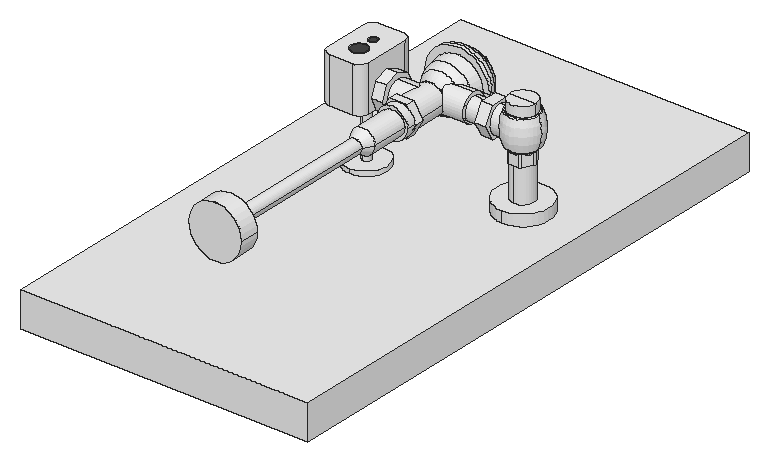
Revit family "Flush_Valve-Sensor-Hardwired-Zurn-Exposed-Urinal-ZEMS6003AV-IS", category Plumbing Fixtures, host Face, Revit 2022
Family settings
  Host = Face
  Round Connector Dimension = Use Radius
  Part Type = Normal
  OmniClass Number = 23.45.05.14.99
  OmniClass Title = Other Sanitary Washing Plumbing Fixtures
  Cut with Voids When Loaded = No
  Maintain Annotation Orientation = No
  Shared = No
  Room Calculation Point = No
Parameters (values of type "Load Family Type Catalog")
  Waste Connection = 1 = 0  # no
  WFU = 0  # constant formula
  Vent Connection = 1 = 0  # no
  Valve Height [instance] = 16.00"
  Type Comments = "ZEMS6003AV-ULF-IS (0.125 GPF, 11-1/2\" R-I)"
  Repair Parts URL = "https://files.zurn.com/care-cleaning-install-warranty-sheets/fv343.pdf#page=9"
  Product data URL = "https://www.bimobject.com/en-us/zurnindustries/product/zurn_zems6003av-is"
  Product Page URL = "https://www.zurn.com/products/finish-plumbing/sensor-flush-valves/gear-driven-hardwire/zems6003av-is"
  Product Installation Sheet URL = "https://files.zurn.com/care-cleaning-install-warranty-sheets/fv343.pdf"
  Product Documentation Link = "https://files.zurn.com/spec-sheets/ss-zems6003av-is.pdf"
  Operating Water Pressure (PSI) = "25 – 80 PSI (172 – 552 kPa)"  # constant formula
  Modified Date = "01/08/2026"  # constant formula
  Max Working Water Temperature = 104 °F  # constant formula
  Manufacturer Brand = "Zurn"  # constant formula
  Main Material = Chrome-Plated Brass - Zurn - Polished
  Inlet Connection Size (inch) = 1.00"
  HWFU = 0  # constant formula
  HW Connection = 1 = 0  # no
  Flush Rate (GPF) = "1.1 GPF"
  Enter Value of  Centerline of Flush Valve to Wall (2.25- 4.25) [instance] = 5.00"
  URL = "https://www.zurn.com/"
  Model = "ZEMS6003AV-IS"  # constant formula
  Manufacturer = "Zurn Water, LLC"  # constant formula
  Description = "Exposed Hardwired Automatic Sensor Flush Valve Urinal with Integral Sensor"  # constant formula
  Default Elevation = 48.00"
  Date Created = "01/08/2026"  # constant formula
  Centerline of Stop Valve to Centerline of Flush Valve = 4.75"  # constant formula
  Centerline of Flush Valve to Wall [instance] = if([Enter Value of  Centerline of Flush Valve to Wall (2.25- 4.25)] < 2.25", 2.25", if([Enter Value of  Centerline of Flush Valve to Wall (2.25- 4.25)] > 4.25", 4.25", [Enter Value of  Centerline of Flush Valve to Wall (2.25- 4.25)]))  # 4.25"
  CWFU = 1  # constant formula
  CW Connection = 1 = 1  # yes
  Assembly Code = "D2010.60"
  Activation Method = "Sensor Operated"  # constant formula
Reference planes (in)
  plane 1 "Center (Front/Back)": y = 0
  plane 2: z = 0
  plane 3 "Center (Left/Right)": x = 0
  plane 4: y = 0
  plane 5: x = 4.75
  plane 6: z = 4.25
  plane 7: z = 4.25
  plane 8: x = 1.44
  plane 9: z = 4.25
  plane 10: y = 22.38
  plane 11: x = -1.2
  plane 12: x = -1.5
  plane 13: y = 13.63
  plane 14: y = 13.13
  plane 15: y = 12.63
  plane 16: z = -2
  plane 17: y = 16
  plane 18: z = 0.625
  plane 19: y = 10.515
  plane 20: y = 9.95
  plane 21: z = 0.25
  plane 22: y = 14.9793
Forms (in)
  Extrusion 1, solid, material "Chrome-Plated Brass - Zurn - Polished" <- "Main Material"
    sketch origin (20.08675, -5.08734, 0) x (1, 0, 0) y (0, 1, 0)
      loop
        line (-28.30267, 32.83734) -> (-28.30267, 1.43535) -> (-11.87083, 1.43535) -> (-11.87083, 32.83734) -> (-28.30267, 32.83734)
    from 0 to -2
  Revolve 2, solid, material "Chrome-Plated Brass - Zurn - Polished" <- "Main Material"
    sketch origin (3.14024, -180, 4.25) x (-1, 0, 0) y (0, -1, 0)
      loop
        line (3.14024, -192.63) -> (3.14024, -181.34) -> (2.76024, -181.34) -> (2.76024, -189.95) -> (2.45274, -190.515) -> (2.45274, -192.63) -> (3.14024, -192.63)
      axis (3.14024, -192.63) -> (3.14024, -181.34)
    angle from 0 to 360
  Extrusion 3, solid, material "Chrome-Plated Brass - Zurn - Polished" <- "Main Material", detail levels fine
    sketch origin (-21.97181, 22.38, 48) x (-1, 0, 0) y (0, 0, 1)
      loop
        line (-22.4168, -42.871) -> (-22.92429, -43.75) -> (-22.4168, -44.629) -> (-21.33031, -44.629) -> (-20.82733, -43.86605) -> (-21.40182, -42.871) -> (-22.4168, -42.871)
    from -8.75 to -9.25
  Extrusion 4, solid, material "Chrome-Plated Brass - Zurn - Polished" <- "Main Material", detail levels fine
    sketch origin (0, 0, 0) x (1, 0, 0) y (0, 0, 1)
      loop
        circle (0, 4.25) r 0.86693
    from -13.13 to -12.63
  Extrusion 5, solid, material "Chrome-Plated Brass - Zurn - Polished" <- "Main Material"
    sketch origin (0, 18.18451, 4.25) x (0, 1, 0) y (-1, 0, 0)
      loop
        circle (-2.18451, -4.75) r 1.5
    from -3.625 to -4.25
  Extrusion 6, solid, material "Chrome-Plated Brass - Zurn - Polished" <- "Main Material"
    sketch origin (0, 18.18451, 4.25) x (0, 1, 0) y (-1, 0, 0)
      loop
        circle (-2.18451, -4.75) r 0.625
    from 0 to -3.625
  Extrusion 7, solid, material "Chrome-Plated Brass - Zurn - Polished" <- "Main Material", detail levels coarse+medium
    sketch origin (0, 0, 0) x (1, 0, 0) y (0, 0, 1)
      loop
        circle (0, 4.25) r 1.08
    from -13.63 to -12.63
  Extrusion 8, solid, material "Chrome-Plated Brass - Zurn - Polished" <- "Main Material"
    sketch origin (0, 18.18451, 4.25) x (0, 1, 0) y (-1, 0, 0)
      loop
        circle (-3.20521, 3.3665) r 0.25
    from -4.25 to 0.879
  Extrusion 9, solid, material "Chrome-Plated Brass - Zurn - Polished" <- "Main Material"
    sketch origin (0, 18.18451, 4.25) x (0, 1, 0) y (-1, 0, 0)
      loop
        circle (-3.20521, 3.3665) r 1.2
    from -4.25 to -4
Lines and regions (in)
  Masking region 1
    outline origin (0, 0, 0) x (1, 0, 0) y (0, 0, 1)
      loop
        line (-2.14, 5.3063) -> (-2.14, 6.1) -> (-4.5305, 6.1) -> (-4.5305, 0) -> (-2.2025, 0) -> (-2.2025, 3.1937) -> (-1.5, 3.1937)
        arc (-1.5, 3.1937) -> (0.15878, 2.42228) -> (1.65968, 3.4682) r 1.8346
        line (1.65968, 3.4682) -> (2.82524, 3.4682) -> (2.82524, 3.24) -> (3.67284, 3.24) -> (3.67284, 0.625) -> (3.25, 0.625) -> (3.25, 0) -> (6.25, 0) -> (6.25, 0.625) -> (5.84, 0.625) -> (5.84, 5.7) -> (3.66, 5.7) -> (3.66, 5.26) -> (2.82524, 5.26) -> (2.82524, 5.03116) -> (1.65999, 5.03116)
        arc (1.65999, 5.03116) -> (0.15914, 6.07769) -> (-1.5, 5.3063) r 1.8346
        line (-1.5, 5.3063) -> (-2.14, 5.3063)
  symbolic lines, detail levels fine
    curve 1: arc (16.13166, 1.53838, 0) -> (16.10438, 1.57544, 0) -> (16.06088, 1.56041, 0) r 0.03882
    curve 2: arc (16.01901, -1.49785, 0) -> (16.0878, -1.52321, 0) -> (16.13166, -1.46447, 0) r 0.06127
Dimensions and locks (in)
  locked: plane 4 to plane 1 "Center (Front/Back)"
  "Centerline of Stop Valve to Centerline of Flush Valve": plane 3 "Center (Left/Right)" to plane 5
  "Centerline of Flush Valve to Wall": plane 6 to Extrusion 1
  locked: plane 7 to plane 6
  locked: plane 3 "Center (Left/Right)" to plane 8 at 1.44
  locked: nested 2 to plane 9 at 1.45
  locked: nested 3 to Revolve 2 sketch curve at 0.75
  locked: plane 11 to plane 3 "Center (Left/Right)" at 1.2
  locked: plane 12 to plane 3 "Center (Left/Right)" at 1.5
  locked: plane 14 to plane 15 at 0.5
  equal spacing: Extrusion 1 sketch curve, plane 3 "Center (Left/Right)", Extrusion 1 sketch curve
  locked: Extrusion 1 sketch curve to Extrusion 1 sketch curve at 16.43183
  locked: plane 4 to Extrusion 1 sketch curve at 3.652
  locked: level to plane 16 at 2
  "Valve Height": plane 17 to plane 4
  locked: plane 18 to level at 0.625
  locked: plane 15 to plane 19 at 2.115
  locked: plane 15 to plane 20 at 2.68
  locked: plane 13 to plane 14 at 0.5
  locked: plane 17 to plane 13 at 2.37
  equal spacing: Masking region 1 sketch curve, nested 3, Masking region 1 sketch curve
  locked: Masking region 1 sketch curve to Masking region 1 sketch curve at 2.1126
  equal spacing: Masking region 1 sketch curve, plane 5, Masking region 1 sketch curve  (x2)
  locked: Masking region 1 sketch curve to Masking region 1 sketch curve at 2.18
  locked: Masking region 1 sketch curve to Masking region 1 sketch curve at 3
  equal spacing: Masking region 1 sketch curve, plane 9, Masking region 1 sketch curve
  locked: Masking region 1 sketch curve to Masking region 1 sketch curve at 2.02
  locked: plane 21 to Extrusion 1 at 0.25
  locked: plane 17 to plane 22 at 1.0207
  locked: plane 3 "Center (Left/Right)" to Revolve 2 sketch curve at 0.38
  aligned and locked: nested 1 to plane 3 "Center (Left/Right)"
  aligned and locked: nested 1 to plane 4
  aligned and locked: nested 1 to plane 7
  aligned and locked: nested 3 to plane 6
  aligned and locked: plane 7 to plane 9
  aligned and locked: Revolve 2 sketch curve to plane 3 "Center (Left/Right)"
  aligned and locked: Extrusion 3 sketch curve to nested 3  (x5)
  aligned and locked: Extrusion 3 to plane 14
  aligned and locked: nested 1 to Extrusion 4 sketch curve  (x2)
  aligned and locked: Extrusion 4 to Extrusion 3
  aligned and locked: Extrusion 4 to plane 15
  aligned and locked: plane 17 to nested 2
  aligned and locked: plane 5 to Extrusion 5 sketch curve
  aligned and locked: plane 17 to Extrusion 5 sketch curve
  aligned and locked: Extrusion 5 to Extrusion 1
  aligned and locked: plane 18 to Extrusion 5
  aligned and locked: nested 2 to Extrusion 6 sketch curve
  aligned and locked: plane 17 to Extrusion 6 sketch curve
  aligned and locked: Extrusion 6 to Extrusion 5
  aligned and locked: nested 3 to Extrusion 6
  aligned and locked: Revolve 2 sketch curve to Extrusion 4
  aligned and locked: Revolve 2 sketch curve to Revolve 2 sketch curve
  aligned and locked: nested 3 to plane 17
  aligned and locked: plane 13 to Extrusion 3
  aligned and locked: nested 1 to Extrusion 7 sketch curve  (x2)
  aligned and locked: plane 13 to Extrusion 7
  aligned and locked: Extrusion 7 to plane 15
  aligned and locked: Masking region 1 sketch curve to nested 2  (x3)
  aligned and locked: Extrusion 1 to Masking region 1 sketch curve
  aligned and locked: Masking region 1 sketch curve to Extrusion 5  (x2)
  aligned and locked: plane 3 "Center (Left/Right)" to Masking region 1 sketch curve
  aligned and locked: nested 1 to Masking region 1 sketch curve  (x3)
  aligned and locked: Extrusion 8 to Extrusion 1
  aligned and locked: Extrusion 3 to Extrusion 8
  aligned and locked: Extrusion 9 to Extrusion 1
  aligned and locked: Extrusion 9 to plane 21
  aligned and locked: nested 4 to nested 3
  aligned and locked: plane 22 to nested 4
  aligned and locked: nested 4 to nested 4
  aligned and locked: nested 4 to plane 7
  aligned and locked: plane 20 to Revolve 2 sketch curve
  aligned and locked: plane 19 to Revolve 2 sketch curve
  aligned and locked: Revolve 2 sketch curve to nested 1
Automatic sketch dimensions
  plane 1 "Center (Front/Back)" to curve 2 = 1.46447"
  plane 5 to curve 2 = 11.32039"
  curve 2 to curve 1 = 0.02245"
  curve 1 to plane 1 "Center (Front/Back)" = 1.53838"
  curve 2 to curve 2 = 0.05138"
  curve 1 to curve 1 = 0.03196"
  curve 1 to curve 1 = 0.03882"
  curve 2 to curve 2 = 0.06127"
  Extrusion 3 sketch curve to plane 3 "Center (Left/Right)" = 0.6415"
  Extrusion 3 sketch curve to plane 6 = 0.11605"
  Extrusion 1 sketch curve to Extrusion 1 sketch curve = 31.402"
  Extrusion 8 sketch curve to plane 17 = 1.0207"
  Extrusion 8 sketch curve to plane 12 = 1.8665"
  Extrusion 9 sketch curve to plane 17 = 1.0207"
  Extrusion 9 sketch curve to plane 12 = 1.8665"
  Masking region 1 sketch curve to level = 0.00"
  Masking region 1 sketch curve to plane 12 = 0.00"  (x2)
  Masking region 1 sketch curve to Masking region 1 sketch curve = 0.64"
  Masking region 1 sketch curve to Masking region 1 sketch curve = 0.7025"
  plane 8 to Masking region 1 sketch curve = 0.21968"
  plane 8 to Masking region 1 sketch curve = 0.21999"
  Masking region 1 sketch curve to Masking region 1 sketch curve = 0.8476"
  Masking region 1 sketch curve to Masking region 1 sketch curve = 0.7937"
  Masking region 1 sketch curve to Masking region 1 sketch curve = 2.328"
  Revolve 2 sketch curve to plane 15 = 0.00"
  plane 1 "Center (Front/Back)" to Revolve 2 sketch curve = 0.69"
  radius of Extrusion 4 sketch curve = 0.86693"
  radius of Extrusion 5 sketch curve = 1.50"
  radius of Extrusion 6 sketch curve = 0.625"
  radius of Extrusion 7 sketch curve = 1.08"
  radius of Extrusion 8 sketch curve = 0.25"
  radius of Extrusion 9 sketch curve = 1.20"
Nested families (in)
  nested 1: "1.Part_Tube_ genric" at (0, -3.28111, 4.25) x (-1, 0, 0) z (0, 1, 0), type "1.Part_Tube_ genric"
  nested 2: "3. Stop Valve" at (4.75, 16, 4.2375) x (-1, 0, 0) z (0, 0, 1), type "Family2"
  nested 3: "Manual FV-Head" at (-0.0625, 13.6333, 4.25) x (-1, 0, 0) z (0, 1, 0), type "Manual FV-Head"
  nested 4: "-IS Actuator" at (-3.3665, 9.89319, 6.1) x (1, 0, 0) z (0, 1, 0), type "-IS Actuator"
Connectors (in)
  piping at (4.75, 16, 0), diameter 2, driven by "Inlet Connection Size (inch)", driven by "CW Connection"
    settings: on Extrusion 5, index 1, connector inside diameter 24", connector length 0.00", flow factor 0, pipe flow 0 GPM, pressure drop 0.00 psi, fitting loss kfactor 0, connector angle 0.00°, fixture units 0, engagement length 0.00", angle of deflection 0.00°, flow configuration 0, flow direction 1, fitting loss method 0, system type 20, joint type 0, gender type 0, connector reference index -1, connector utility 1, adjustable connector no, is connector primary yes, connector description "Domestic Water inlet"
Definition of nested family "1.Part_Tube_ genric"
  Parameters (values of type "1.Part_Tube_ genric")
    Default Elevation = 48.00"
  Reference planes (in)
    plane 1 "Center (Front/Back)": y = 0
    plane 2: z = 3.28111
    plane 3 "Center (Left/Right)": x = 0
    plane 4: x = -1.5
    plane 5: x = 1.5
    plane 6: z = 4.37111
    plane 7: z = 4.62111
  Forms (in)
    Extrusion 1, solid, detail levels fine
      sketch origin (0, 0, 3.28111) x (1, 0, 0) y (0, 1, 0)
        loop
          circle (0, 0) r 1.5
      from 0 to 1.09
    Extrusion 2, solid, detail levels fine
      sketch origin (0, 0, 3.28111) x (1, 0, 0) y (0, 1, 0)
        loop
          line (1.14898, -0.00001) -> (0.57452, 0.995) -> (-0.57453, 0.995) -> (-1.14898, 0.00001) -> (-0.57452, -0.995) -> (0.57453, -0.995) -> (1.14898, -0.00001)
      from 1.09 to 1.34
    Revolve 3, solid, detail levels coarse+medium
      sketch origin (0, 0, 0) x (1, 0, 0) y (0, 0, 1)
        loop
          line (-1.14898, 4.62111) -> (-1.14898, 4.37111) -> (-1.5, 4.37111) -> (-1.5, 3.28111) -> (0, 3.28111) -> (0, 4.62111) -> (-1.14898, 4.62111)
        axis (0, 4.62111) -> (0, 3.28111)
      angle from 0 to 360
  Dimensions and locks (in)
    equal spacing: plane 5, plane 3 "Center (Left/Right)", plane 4, locked at 1.5 each
    locked: plane 3 "Center (Left/Right)" to plane 4 at 1.5
    locked: plane 6 to level at 1.09
    locked: plane 7 to plane 6 at 0.25
    equal spacing: Extrusion 2 sketch curve, plane 1 "Center (Front/Back)", Extrusion 2 sketch curve
    locked: Extrusion 2 sketch curve to Extrusion 2 sketch curve at 1.99
    equal spacing: Extrusion 2 sketch curve, plane 3 "Center (Left/Right)", Extrusion 2 sketch curve  (x2)
    locked: Extrusion 2 sketch curve to Extrusion 2 sketch curve at 1.99011
    locked: Extrusion 2 sketch curve to Extrusion 2 sketch curve at 1.99009
    locked: Extrusion 2 sketch curve to Extrusion 2 sketch curve (angle 120.00°)  (x5)
    angle Extrusion 2 sketch curve to Extrusion 2 sketch curve = 120.00°
    aligned and locked: plane 2 to level
    aligned and locked: plane 3 "Center (Left/Right)" to Extrusion 1 sketch curve
    aligned and locked: plane 1 "Center (Front/Back)" to Extrusion 1 sketch curve
    aligned and locked: plane 6 to Extrusion 1
    aligned and locked: plane 7 to Extrusion 2
    aligned and locked: Extrusion 2 to Extrusion 1
    aligned and locked: Revolve 3 sketch curve to Extrusion 2
    aligned and locked: plane 6 to Revolve 3 sketch curve
    aligned and locked: Revolve 3 sketch curve to plane 4
    aligned and locked: Revolve 3 sketch curve to level
    aligned and locked: Revolve 3 sketch curve to plane 3 "Center (Left/Right)"  (x2)
    aligned and locked: Extrusion 2 to Revolve 3 sketch curve
  Automatic sketch dimensions
    Revolve 3 sketch curve to level = 0.41"
    plane 7 to Revolve 3 sketch curve = 0.50"
    radius of Extrusion 1 sketch curve = 1.50"
Definition of nested family "3. Stop Valve"
  Parameters (values of type "Family2")
    Default Elevation = 0.00"
  Reference planes (in)
    plane 1 "Center (Front/Back)": y = 0
    plane 2: z = 0
    plane 3 "Center (Left/Right)": x = 0
  Dimensions and locks (in)
    aligned and locked: plane 2 to level
  Nested families (in)
    nested 1: "Stop Valve_ plumbing Fixture_ Genric Template" at (0, 0, 0) x (-1, 0, 0) z (0, -1, 0), type "3.Part_ Stop Valve"
  Definition of nested family "Stop Valve_ plumbing Fixture_ Genric Template"
    Parameters (values of type "3.Part_ Stop Valve")
      Stop Body Finish = none
      Default Elevation = 48.00"
      Assembly Code = ""
    Reference planes (in)
      plane 1 "Center (Front/Back)": y = 0
      plane 2: z = 0
      plane 3 "Center (Left/Right)": x = 0
      plane 4: x = -3.1
      plane 5 "Middle Plane": z = 0
      plane 6: x = 0
      plane 7: x = -3.1
    Forms (in)
      Revolve 1, solid, material <- "Stop Body Finish", detail levels fine
        sketch origin (5.11008, 2.28141, 0) x (-1, 0, 0) y (0, -1, 0)
          loop
            line (4.36008, 3.18991) -> (4.25498, 3.18991)
            arc (4.25498, 3.18991) -> (4.22986, 3.18245) -> (4.21289, 3.16248) r 0.046
            arc (4.21289, 3.16248) -> (4.03022, 2.31942) -> (4.19363, 1.47241) r 2.15
            line (4.19363, 1.47241) -> (4.27508, 1.47241)
            arc (4.27508, 1.47241) -> (4.36347, 1.4358) -> (4.40008, 1.34741) r 0.125
            line (4.40008, 1.34741) -> (4.40008, 1.29134) -> (4.46008, 1.18741) -> (5.11008, 1.18741) -> (5.11008, 3.74391) -> (4.36008, 3.74391) -> (4.36008, 3.18991)
          axis (5.11008, 3.74391) -> (5.11008, 1.18741)
        angle from 0 to 360
      Revolve 2, solid, material <- "Stop Body Finish", detail levels fine
        sketch origin (5.11008, 2.29491, 0) x (-1, 0, 0) y (0, -1, 0)
          loop
            line (6.40484, 2.29491) -> (6.40484, 3.07741) -> (4.98008, 3.07741) -> (4.98008, 2.29491) -> (6.40484, 2.29491)
          axis (4.98008, 2.29491) -> (6.40484, 2.29491)
        angle from 0 to 360
      Extrusion 3, solid, material <- "Stop Body Finish", detail levels fine
        sketch origin (0, 0.96642, 0) x (1, 0, 0) y (0, 0, -1)
          loop
            line (-0.70575, -0.07761) -> (-0.42009, -0.57239)
            arc (-0.42009, -0.57239) -> (-0.355, -0.61488) -> (-0.28566, -0.65) r 0.71
            line (-0.28566, -0.65) -> (0.28566, -0.65)
            arc (0.28566, -0.65) -> (0.355, -0.61488) -> (0.42009, -0.57239) r 0.71
            line (0.42009, -0.57239) -> (0.70575, -0.07761)
            arc (0.70575, -0.07761) -> (0.71, 0) -> (0.70575, 0.07761) r 0.71
            line (0.70575, 0.07761) -> (0.42009, 0.57239)
            arc (0.42009, 0.57239) -> (0.355, 0.61488) -> (0.28566, 0.65) r 0.71
            line (0.28566, 0.65) -> (-0.28566, 0.65)
            arc (-0.28566, 0.65) -> (-0.355, 0.61488) -> (-0.42009, 0.57239) r 0.71
            line (-0.42009, 0.57239) -> (-0.70575, 0.07761)
            arc (-0.70575, 0.07761) -> (-0.71, 0) -> (-0.70575, -0.07761) r 0.71
        from 0 to 0.70508
      Extrusion 4, solid, material <- "Stop Body Finish", detail levels fine
        sketch origin (-1.29476, 0, 0) x (0, 0, -1) y (0, -1, 0)
          loop
            line (-0.50085, 0.8675) -> (-1.0017, 0) -> (-0.50085, -0.8675) -> (0.50085, -0.8675) -> (1.0017, 0) -> (0.50085, 0.8675) -> (-0.50085, 0.8675)
        from 0 to 0.63
      Extrusion 5, solid, detail levels fine
        sketch origin (-1.92476, 0, 0) x (0, 0, -1) y (0, -1, 0)
          loop
            circle (0, 0) r 0.6385
        from 0 to 1.17524
      Extrusion 6, solid, detail levels coarse+medium
        sketch origin (0, 0, 0) x (1, 0, 0) y (0, 0, 1)
          loop
            circle (0, 0) r 1.085
        from 1.4625 to -1.6715
      Revolve 7, solid, detail levels coarse+medium
        sketch origin (0, 0, 0) x (1, 0, 0) y (0, 1, 0)
          loop
            line (-3.1, 0) -> (0, 0) -> (0, 0.7825) -> (-1.29476, 0.7825) -> (-1.29476, 0.995) -> (-1.92476, 0.995) -> (-1.92476, 0.64096) -> (-3.1, 0.64096) -> (-3.1, 0)
          axis (-3.1, 0) -> (0, 0)
        angle from 0 to 360
    Cuts and joins
      joined: Revolve 1, Revolve 2, Extrusion 3, Extrusion 4
    Lines and regions (in)
      model lines, not visible
        curve 1: circle (0, -1.4625, 0) r 0.75 normal (0, -1, 0)
        curve 2: circle (0, 1.6715, 0.02784) r 0.71055 normal (0, -1, 0)
        curve 3: line (-1.29476, -0.7825, 0) -> (-0.93627, -0.7825, 0)
        curve 4: line (-0.93627, -0.7825, 0) -> (-0.89082, -0.9085, 0)
        curve 5: line (-0.75, -1.4625, 0) -> (-0.75, -0.9085, 0)
        curve 8: arc (0.86386, -0.9085, 0) -> (1.07581, -0.05543, 0) -> (0.91645, 0.809, 0) r 2.07986
        curve 9: line (0.71055, 1.6715, 0) -> (0.71055, 0.809, 0)
        curve 10: line (-0.71, 1.6715, 0) -> (-0.71, 0.809, 0)
        curve 11: line (-0.92722, 0.7825, 0) -> (-1.29476, 0.7825, 0)
      model lines, not visible, detail levels coarse+medium
        curve 6: line (0.75, -1.4625, 0) -> (0.75, -0.9085, 0)
        curve 7: line (0.75, -0.9085, 0) -> (0.86386, -0.9085, 0)
    Dimensions and locks (in)
      plane 3 "Center (Left/Right)" to plane 4 = 3.10"
      locked: plane 1 "Center (Front/Back)" to Revolve 7 sketch curve at 0.64096
      plane 1 "Center (Front/Back)" to Revolve 7 sketch curve = 0.995"
      locked: plane 5 "Middle Plane" to level
      locked: plane 6 to plane 3 "Center (Left/Right)"
      locked: plane 7 to plane 6 at 3.1
      aligned and locked: level to plane 2
      aligned and locked: plane 1 "Center (Front/Back)" to Extrusion 5 sketch curve
      aligned and locked: level to Extrusion 5 sketch curve
      aligned and locked: Extrusion 5 to plane 4
      aligned and locked: plane 3 "Center (Left/Right)" to Extrusion 6 sketch curve
      aligned and locked: level to Extrusion 6 sketch curve
      aligned and locked: Extrusion 6 to curve 2
      aligned and locked: Extrusion 6 to curve 1
      aligned and locked: Revolve 7 sketch curve to plane 3 "Center (Left/Right)"
      aligned and locked: plane 1 "Center (Front/Back)" to Revolve 7 sketch curve  (x2)
      aligned and locked: Revolve 7 sketch curve to cut or joined group of Revolve 1, Revolve 2, Extrusion 3, Extrusion 4  (x2)
      aligned and locked: Revolve 7 sketch curve to curve 11
      aligned and locked: plane 4 to Revolve 7 sketch curve
Definition of nested family "Manual FV-Head"
  Parameters (values of type "Manual FV-Head")
    Repair Parts URL = ""
    Product data URL = ""
    Product Weight (lbs) = 0
    Product Page URL = ""
    Product Installation Sheet URL = ""
    Product Documentation Link = ""
    Operating Water Pressure (PSI) = ""
    Modified Date = ""
    Max Working Water Temperature = -459.67 °F
    Manufacturer Brand = ""
    Main Material = none
    Inlet Connection Size (inch) = 0.00"
    Flush Rate (GPF) = ""
    Flow Rate (GPM) = 0 GPM
    Default Elevation = 48.00"
    Date Created = ""
    Aerator Flow Rate (GPM) = 0.0 gal
    Activation Method = ""
  Reference planes (in)
    plane 1 "Center (Front/Back)": y = 0
    plane 2: z = 0
    plane 3 "Center (Left/Right)": x = 0
    plane 4: z = 3.703
    plane 5: z = 4.843
    plane 6: x = 1.8325
    plane 7: x = 1.25
    plane 8: z = 4.07
    plane 9: z = 4.843
    plane 10: z = 5.113
    plane 11: x = -1.452
    plane 12: x = -0.8395
    plane 13: z = 2.69
    plane 14: z = 1.346
    plane 15: z = 1.261
    plane 16: x = 1.45
    plane 17: x = 2.14
    plane 18: x = 2.74
    plane 19: x = 5.75
    plane 20: z = 2.3667
    plane 21: x = -2
  Forms (in)
    Revolve 1, solid, material <- "Main Material", detail levels fine
      sketch origin (0, 0, 0) x (1, 0, 0) y (0, 0, 1)
        loop
          line (0, 3.703) -> (1.8325, 3.703) -> (1.8325, 3.9027)
          arc (1.8325, 3.9027) -> (1.80666, 4.06135) -> (1.73182, 4.20361) r 0.5
          line (1.73182, 4.20361) -> (1.40003, 4.64391)
          arc (1.40003, 4.64391) -> (1.22381, 4.79047) -> (1.00071, 4.843) r 0.5
          line (1.00071, 4.843) -> (0, 4.843) -> (0, 3.703)
        axis (0, 4.843) -> (0, 3.703)
      angle from 0 to 360
    Extrusion 2, solid, material <- "Main Material", detail levels fine
      sketch origin (0, 0, 0) x (1, 0, 0) y (0, 1, 0)
        loop
          line (-0.50749, 0.879) -> (-1.01498, 0) -> (-0.50749, -0.879) -> (0.50749, -0.879) -> (1.01498, 0) -> (0.50749, 0.879) -> (-0.50749, 0.879)
      from 4.843 to 5.113
    Revolve 3, solid, material <- "Main Material", detail levels fine
      sketch origin (0, 0, 0) x (1, 0, 0) y (0, 0, 1)
        loop
          line (0, 1.8) -> (0, 3.703) -> (-1.452, 3.703) -> (-1.33315, 2.99744)
          arc (-1.33315, 2.99744) -> (-1.25374, 2.71616) -> (-1.11572, 2.45853) r 1.35193
          arc (-1.11572, 2.45853) -> (-0.91135, 2.15706) -> (-0.8395, 1.8) r 0.92309
          line (-0.8395, 1.8) -> (0, 1.8)
        axis (0, 3.703) -> (0, 1.8)
      angle from 0 to 360
    Extrusion 4, solid, material <- "Main Material"
      sketch origin (0, 0, 0) x (0, 1, 0) y (0, 0, 1)
        loop
          circle (0, 1.261) r 0.764
      from 0 to 1.45
    Extrusion 5, solid, material <- "Main Material"
      sketch origin (0, 0, 0) x (0, 1, 0) y (0, 0, 1)
        loop
          circle (0, 1.261) r 0.639
      from 2.14 to 2.74
    Extrusion 6, solid, material <- "Main Material", detail levels coarse+medium
      sketch origin (0, 0, 0) x (0, 1, 0) y (0, 0, 1)
        loop
          circle (0, 1.261) r 1.0563
      from 2.14 to 1.45
    Revolve 7, solid, material <- "Main Material", detail levels coarse+medium
      sketch origin (0, 0, 0) x (1, 0, 0) y (0, 0, 1)
        loop
          line (0, 1.8) -> (0.8395, 1.8)
          arc (0.8395, 1.8) -> (1.2915, 2.70924) -> (1.5, 3.703) r 4
          line (1.5, 3.703) -> (1.8484, 3.703) -> (1.8484, 4.843) -> (1.01498, 4.843) -> (1.01498, 5.113) -> (0, 5.113) -> (0, 1.8)
        axis (0, 5.113) -> (0, 1.8)
      angle from 0 to 360
    Extrusion 8, solid, material <- "Main Material"
      sketch origin (0, 0, 0) x (1, 0, 0) y (0, 1, 0)
        loop
          circle (0, 0) r 0.8143
      from 0 to 1.8
    Extrusion 9, solid, material <- "Main Material", detail levels fine
      sketch origin (0, 0, 0) x (0, 1, 0) y (0, 0, 1)
        loop
          line (0, 2.311) -> (-0.74246, 2.00346) -> (-1.05, 1.261) -> (-0.74246, 0.51854) -> (0, 0.211) -> (0.74246, 0.51854) -> (1.05, 1.261) -> (0.74246, 2.00346) -> (0, 2.311)
      from 1.45 to 2.14
    Extrusion 10, solid, material <- "Main Material"
      sketch origin (0, 0, 0) x (0, 1, 0) y (0, 0, 1)
        loop
          circle (0, 2.3667) r 0.7813
      from -2 to 0
  Dimensions and locks (in)
    locked: level to plane 4 at 3.703
    locked: plane 4 to plane 5 at 1.14
    locked: plane 4 to plane 8 at 0.367
    equal spacing: Extrusion 2 sketch curve, plane 3 "Center (Left/Right)", Extrusion 2 sketch curve, locked at 1.01498 each
    equal spacing: Extrusion 2 sketch curve, plane 3 "Center (Left/Right)", Extrusion 2 sketch curve, locked at 0.879 each  (x2)
    locked: plane 9 to plane 4 at 1.14
    locked: plane 10 to plane 9 at 0.27
    locked: plane 3 "Center (Left/Right)" to plane 11 at 1.452
    locked: plane 3 "Center (Left/Right)" to plane 12 at 0.8395
    locked: plane 13 to level at 2.69
    locked: Revolve 3 sketch curve to plane 13 at 0.532
    locked: plane 13 to Revolve 3 sketch curve at 0.89
    equal spacing: plane 3 "Center (Left/Right)", Revolve 3 sketch curve, Revolve 3 sketch curve
    locked: plane 14 to level at 1.346
    locked: plane 15 to level at 1.261
    equal spacing: Extrusion 2 sketch curve, plane 1 "Center (Front/Back)", Extrusion 2 sketch curve, locked at 0.879 each
    locked: Revolve 7 sketch curve to plane 3 "Center (Left/Right)" at 1.8484
    locked: Revolve 7 sketch curve to Revolve 7 sketch curve at 2.48735
    locked: Revolve 7 sketch curve to plane 4 at 0.31782
    equal spacing: Extrusion 9 sketch curve, plane 15, Extrusion 9 sketch curve  (x4)
    locked: Extrusion 9 sketch curve to Extrusion 9 sketch curve at 1.94015  (x4)
    locked: plane 16 to plane 3 "Center (Left/Right)" at 1.45
    locked: plane 17 to plane 16 at 0.69
    locked: plane 18 to plane 3 "Center (Left/Right)" at 2.74
    locked: plane 19 to plane 3 "Center (Left/Right)" at 5.75
    locked: plane 20 to level at 2.3667
    locked: plane 3 "Center (Left/Right)" to plane 21 at 2
    radius of Extrusion 8 sketch curve = 0.8143"
    locked: Extrusion 2 sketch curve to Extrusion 2 sketch curve (angle 120.00°)  (x4)
    angle Extrusion 2 sketch curve to Extrusion 2 sketch curve = 120.00°
    locked: Extrusion 9 sketch curve to Extrusion 9 sketch curve (angle 135.00°)  (x7)
    angle Extrusion 9 sketch curve to Extrusion 9 sketch curve = 135.00°
    aligned and locked: plane 2 to level
    aligned and locked: Revolve 1 sketch curve to plane 3 "Center (Left/Right)"  (x2)
    aligned and locked: plane 5 to Revolve 1 sketch curve
    aligned and locked: Extrusion 2 to plane 9
    aligned and locked: plane 10 to Extrusion 2
    aligned and locked: plane 11 to Revolve 3 sketch curve
    aligned and locked: plane 12 to Revolve 3 sketch curve
    aligned and locked: Revolve 3 sketch curve to Revolve 3 sketch curve
    aligned and locked: plane 3 "Center (Left/Right)" to Revolve 3 sketch curve
    aligned and locked: plane 4 to Revolve 3 sketch curve
    aligned and locked: Revolve 3 sketch curve to plane 3 "Center (Left/Right)"
    aligned and locked: plane 15 to Extrusion 4 sketch curve
    aligned and locked: plane 1 "Center (Front/Back)" to Extrusion 4 sketch curve
    aligned and locked: plane 1 "Center (Front/Back)" to Extrusion 5 sketch curve
    aligned and locked: plane 15 to Extrusion 5 sketch curve
    aligned and locked: plane 1 "Center (Front/Back)" to Extrusion 6 sketch curve
    aligned and locked: plane 15 to Extrusion 6 sketch curve
    aligned and locked: Revolve 7 sketch curve to Extrusion 2
    aligned and locked: plane 10 to Revolve 7 sketch curve
    aligned and locked: Revolve 7 sketch curve to plane 3 "Center (Left/Right)"  (x2)
    aligned and locked: Revolve 7 sketch curve to plane 4
    aligned and locked: plane 9 to Revolve 7 sketch curve
    aligned and locked: Revolve 3 to Revolve 7 sketch curve
    aligned and locked: plane 3 "Center (Left/Right)" to Extrusion 8 sketch curve
    aligned and locked: plane 1 "Center (Front/Back)" to Extrusion 8 sketch curve
    aligned and locked: Extrusion 8 to Revolve 3
    aligned and locked: Extrusion 8 to level
    aligned and locked: plane 16 to Extrusion 4
    aligned and locked: Extrusion 4 to plane 3 "Center (Left/Right)"
    aligned and locked: plane 17 to Extrusion 9
    aligned and locked: Extrusion 9 to Extrusion 4
    aligned and locked: plane 18 to Extrusion 5
    aligned and locked: Extrusion 5 to Extrusion 9
    aligned and locked: Extrusion 6 to Extrusion 9
    aligned and locked: plane 1 "Center (Front/Back)" to Extrusion 10 sketch curve
    aligned and locked: plane 20 to Extrusion 10 sketch curve
    aligned and locked: plane 3 "Center (Left/Right)" to Extrusion 10
    aligned and locked: Extrusion 10 to plane 21
  Automatic sketch dimensions
    plane 1 "Center (Front/Back)" to Extrusion 2 sketch curve = 0.00"
    Extrusion 2 sketch curve to plane 3 "Center (Left/Right)" = 0.50749"
    plane 6 to Revolve 1 sketch curve = 0.00"
    Revolve 1 sketch curve to plane 4 = 0.00"
    plane 7 to Revolve 1 sketch curve = 0.24929"
    Revolve 1 sketch curve to plane 7 = 0.0825"
    Revolve 1 sketch curve to plane 7 = 0.15003"
    plane 6 to Revolve 1 sketch curve = 0.10068"
    Revolve 1 sketch curve to plane 4 = 0.5634"
    Revolve 1 sketch curve to Revolve 1 sketch curve = 0.2966"
    Revolve 3 sketch curve to plane 3 "Center (Left/Right)" = 0.00"
    Revolve 3 sketch curve to plane 11 = 0.31059"
    plane 11 to Revolve 3 sketch curve = 0.11885"
    Revolve 3 sketch curve to Revolve 3 sketch curve = 0.16645"
    Revolve 3 sketch curve to Revolve 3 sketch curve = 0.21859"
    Extrusion 2 sketch curve to Extrusion 2 sketch curve = 0.50749"
    Revolve 7 sketch curve to Revolve 7 sketch curve = 0.3484"
    plane 14 to Revolve 7 sketch curve = 0.15706"
    Revolve 7 sketch curve to Revolve 7 sketch curve = 0.39006"
    Extrusion 9 sketch curve to plane 15 = 0.00"
    radius of Extrusion 4 sketch curve = 0.764"
    radius of Extrusion 5 sketch curve = 0.639"
    radius of Extrusion 6 sketch curve = 1.0563"
    radius of Extrusion 10 sketch curve = 0.7813"
Definition of nested family "-IS Actuator"
  Parameters (values of type "-IS Actuator")
    Main Material = none
    Default Elevation = 48.00"
  Reference planes (in)
    plane 1 "Center (Front/Back)": y = 0
    plane 2: z = 3.28111
    plane 3 "Center (Left/Right)": x = 0
    plane 4: z = 6.89111
    plane 5: y = 2.6
    plane 6: x = -1.164
    plane 7: x = 1.164
    plane 8: z = 5.08611
    plane 9: z = 5.56311
    plane 10: z = 4.56311
    plane 11: y = 0.25
    plane 12: y = 1.85
  Forms (in)
    Extrusion 1, void
      sketch origin (0, 0, 0) x (1, 0, 0) y (0, 0, 1)
        loop
          circle (0, 5.56311) r 0.235
        loop
          circle (0, 4.56311) r 0.4575
      from -0.25 to 0
    Extrusion 2, solid
      sketch origin (0, 0, 0) x (1, 0, 0) y (0, 0, 1)
        loop
          circle (0, 5.56311) r 0.235
        loop
          circle (0, 4.56311) r 0.4575
      from -0.25 to 0
    Extrusion 3, solid, material <- "Main Material", detail levels fine
      sketch origin (0, 0, 0) x (1, 0, 0) y (0, 0, 1)
        loop
          arc (-0.664, 6.89111) -> (-1.01755, 6.74466) -> (-1.164, 6.39111) r 0.5
          line (-1.164, 6.39111) -> (-1.164, 3.78111)
          arc (-1.164, 3.78111) -> (-1.01755, 3.42755) -> (-0.664, 3.28111) r 0.5
          line (-0.664, 3.28111) -> (0.664, 3.28111)
          arc (0.664, 3.28111) -> (1.01755, 3.42755) -> (1.164, 3.78111) r 0.5
          line (1.164, 3.78111) -> (1.164, 6.39111)
          arc (1.164, 6.39111) -> (1.01755, 6.74466) -> (0.664, 6.89111) r 0.5
          line (0.664, 6.89111) -> (-0.664, 6.89111)
      from -2.6 to 0
    Extrusion 4, solid, material <- "Main Material", detail levels coarse+medium
      sketch origin (0, 0, 0) x (1, 0, 0) y (0, 0, 1)
        loop
          line (-1.164, 6.89111) -> (-1.164, 3.28111) -> (1.164, 3.28111) -> (1.164, 6.89111) -> (-1.164, 6.89111)
      from -2.6 to 0
    Extrusion 5, void
      sketch origin (0, 0, 0) x (1, 0, 0) y (0, 0, 1)
        loop
          circle (0, 5.56311) r 0.235
        loop
          circle (0, 4.56311) r 0.4575
      from -0.25 to 0
  Cuts and joins
    Extrusion 1 cuts Extrusion 3
    Extrusion 5 cuts Extrusion 4
  Dimensions and locks (in)
    equal spacing: plane 6, plane 3 "Center (Left/Right)", plane 7
    locked: plane 6 to plane 3 "Center (Left/Right)" at 1.164
    locked: plane 1 "Center (Front/Back)" to plane 5 at 2.6
    locked: plane 4 to level at 3.61
    equal spacing: plane 4, plane 8, level
    locked: plane 8 to plane 10 at 0.523
    locked: plane 9 to plane 10 at 1
    locked: plane 1 "Center (Front/Back)" to plane 11 at 0.25
    locked: plane 5 to plane 12 at 0.75
    aligned and locked: plane 2 to level
    aligned and locked: plane 3 "Center (Left/Right)" to Extrusion 1 sketch curve
    aligned and locked: plane 9 to Extrusion 1 sketch curve
    aligned and locked: plane 11 to Extrusion 1
    aligned and locked: plane 1 "Center (Front/Back)" to Extrusion 1
    aligned and locked: plane 11 to Extrusion 2
    aligned and locked: plane 1 "Center (Front/Back)" to Extrusion 2
    aligned and locked: Extrusion 3 sketch curve to plane 4
    aligned and locked: plane 6 to Extrusion 3 sketch curve
    aligned and locked: level to Extrusion 3 sketch curve
    aligned and locked: Extrusion 3 sketch curve to plane 7
    aligned and locked: plane 5 to Extrusion 3
    aligned and locked: plane 1 "Center (Front/Back)" to Extrusion 3
    aligned and locked: Extrusion 4 sketch curve to plane 4
    aligned and locked: plane 6 to Extrusion 4 sketch curve
    aligned and locked: level to Extrusion 4 sketch curve
    aligned and locked: Extrusion 4 sketch curve to plane 7
    aligned and locked: plane 5 to Extrusion 4
    aligned and locked: plane 1 "Center (Front/Back)" to Extrusion 4
    aligned and locked: Extrusion 5 sketch curve to cut or joined group of Extrusion 1, Extrusion 3  (x4)
    aligned and locked: plane 11 to Extrusion 5
    aligned and locked: plane 1 "Center (Front/Back)" to Extrusion 5
  Automatic sketch dimensions
    Extrusion 1 sketch curve to plane 3 "Center (Left/Right)" = 0.00"
    Extrusion 1 sketch curve to plane 10 = 0.00"
    Extrusion 2 sketch curve to plane 9 = 0.00"  (x2)
    Extrusion 2 sketch curve to plane 10 = 0.00"  (x2)
    Extrusion 3 sketch curve to plane 4 = 0.00"
    plane 6 to Extrusion 3 sketch curve = 0.50"
    Extrusion 3 sketch curve to plane 4 = 0.50"
    Extrusion 3 sketch curve to plane 7 = 0.50"  (x2)
    Extrusion 5 sketch curve to plane 10 = 0.00"  (x2)
    radius of Extrusion 1 sketch curve = 0.235"
    radius of Extrusion 1 sketch curve = 0.4575"
Types in the file's own list only (12): name | Type Comments | Inlet Connection Size (inch) | Flush Rate (GPF) | Default Elevation | Centerline of Stop Valve to Centerline of Flush Valve
  ZEMS6003AV-ULF-IS (0.125 GPF, 11-1/2") | "ZEMS6003AV-ULF-IS (0.125 GPF, 11-1/2\" R-I)" | 1.00 " | "0.125 GPF" | 48.00 " | 4.75 "
  ZEMS6003AV-EWS-IS (0.5 GPF, 11-1/2") | "ZEMS6003AV-EWS-IS (0.5 GPF, 11-1/2\" R-I)" | 1.00 " | "0.5 GPF" | 48.00 " | 4.75 "
  ZEMS6003AV-WS1-IS (1.0 GPF, 11-1/2") | "ZEMS6003AV-WS1-IS (1.0 GPF, 11-1/2\" R-I)" | 1.00 " | "1.0 GPF" | 48.00 " | 4.75 "
  ZEMS6003AV-IS (1.5 GPF, 11-1/2") | "ZEMS6003AV-IS (1.5 GPF, 11-1/2\" R-I)" | 1.00 " | "1.5 GPF" | 48.00 " | 4.75 "
  ZEMS6003AV-1-ULF-IS (0.125 GPF, 16") | "ZEMS6003AV-1-ULF-IS (0.125 GPF, 16\" R-I)" | 1.00 " | "0.125 GPF" | 48.00 " | 4.75 "
  ZEMS6003AV-1-EWS-IS (0.5 GPF, 16") | "ZEMS6003AV-1-EWS-IS (0.5 GPF, 16\" R-I)" | 1.00 " | "0.5 GPF" | 48.00 " | 4.75 "
  ZEMS6003AV-1-WS1-IS (1.0 GPF, 16") | "ZEMS6003AV-1-WS1-IS (1.0 GPF, 16\" R-I)" | 1.00 " | "1.0 GPF" | 48.00 " | 4.75 "
  ZEMS6003AV-1-IS (1.5 GPF, 16") | "ZEMS6003AV-1-IS (1.5 GPF, 16\" R-I)" | 1.00 " | "1.5 GPF" | 48.00 " | 4.75 "
  ZEMS6003AV-2-ULF-IS (0.125 GPF, 24") | "ZEMS6003AV-2-ULF-IS (0.125 GPF, 24\" R-I)" | 1.00 " | "0.125 GPF" | 48.00 " | 4.75 "
  ZEMS6003AV-2-EWS-IS (0.5 GPF, 24") | "ZEMS6003AV-2-EWS-IS (0.5 GPF, 24\" R-I)" | 1.00 " | "0.5 GPF" | 48.00 " | 4.75 "
  ZEMS6003AV-2-WS1-IS (1.0 GPF, 24") | "ZEMS6003AV-2-WS1-IS (1.0 GPF, 24\" R-I)" | 1.00 " | "1.0 GPF" | 48.00 " | 4.75 "
  ZEMS6003AV-2-IS (1.5 GPF, 24") | "ZEMS6003AV-2-IS (1.5 GPF, 24\" R-I)" | 1.00 " | "1.5 GPF" | 48.00 " | 4.75 "
